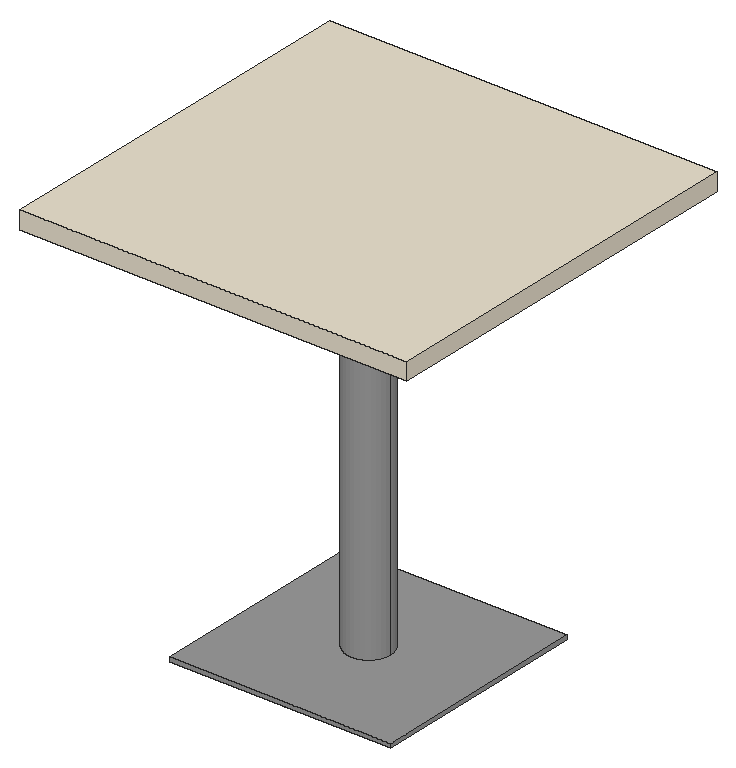
Revit family "FU_Table_Sandler_579T-XT", category Furniture, Revit 2020
Family settings
  OmniClass Number = 23.40.20.00
  OmniClass Title = General Furniture and Specialties
  Work Plane-Based = No
  Always vertical = Yes
  Cut with Voids When Loaded = No
  Shared = No
  Room Calculation Point = No
Parameters (values of type "579T XT 28" Square (70cm)")
  Width = 400 mm
  URL = "https://www.sandlerseating.com/product/art-579t-xt/"
  Top Size = FU_TableTops_MT Sqr : 28" Square (70cm)
  Top Elevation = Height  # 720 mm
  Top Finish [instance] = Wood - Beech - Grey Stained
  Model = "579T XT"
  Manufacturer = "Sandler"
  Height = 720 mm
  Frame Finish [instance] = Metal - Steel - Matt-Satin
  Description = "Table base in stainless steel."
  Depth = Width  # 400 mm
  Default Elevation = 0 mm
Types (5, lengths in mm): name | Top Size
  (no name) | FU_TableTops_MT Sqr : 28" Square (70cm)
  579T XT 24" Square (60cm) | FU_TableTops_MT Sqr : 24" Square (60cm)
  579T XT 28" Square (70cm) | FU_TableTops_MT Sqr : 28" Square (70cm)
  579T XT 24" Round (60cm) | FU_TableTops_MT Rnd : 24" Round (60cm)
  579T XT 28" Round (70cm) | FU_TableTops_MT Rnd : 28" Round (70cm)
Reference planes
  plane 1 "Center (Front/Back)": y = 0
  plane 2: z = 0
  plane 3 "Center (Left/Right)": x = 0
  plane 4 "Right": x = -200
  plane 5 "Left": x = 200
  plane 6 "Back": y = 200
  plane 7 "Front": y = -200
  plane 8 "Height": z = 720
  plane 9 "Top Support": z = 700
  plane 10 "Glide Height": z = 6
  plane 11 "Base height": z = 14
  plane 12 "R Pad C": x = -184
  plane 13 "B Pad C": y = 184
  plane 14 "L Pad C": x = 184
  plane 15 "F Pad C": y = -184
Forms (mm)
  Extrusion 1, solid, material "Metal - Steel - Matt-Satin" <- "Frame Finish"
    sketch origin (0, 0, 6) x (-1, 0, 0) y (0, -1, 0)
      loop
        line (200, -200) -> (200, 200) -> (-200, 200) -> (-200, -200) -> (200, -200)
    from 0 to 8
  Revolve 2, solid, material "Rubber, Black"
    sketch origin (0, 0, 0) x (1, 0, 0) y (0, 0, 1)
      loop
        line (-184, 0) -> (-184, 6) -> (-192, 6) -> (-192, 2)
        arc (-192, 2) -> (-191.414, 0.586) -> (-190, 0) r 2
        line (-190, 0) -> (-184, 0)
      axis (-184, 6) -> (-184, 0)
    angle from 0 to 360
  Revolve 3, solid, material "Rubber, Black"
    sketch origin (0, 0, 0) x (-1, 0, 0) y (0, 0, 1)
      loop
        line (-184, 0) -> (-184, 6) -> (-192, 6) -> (-192, 2)
        arc (-192, 2) -> (-191.414, 0.586) -> (-190, 0) r 2
        line (-190, 0) -> (-184, 0)
      axis (-184, 6) -> (-184, 0)
    angle from 0 to 360
  Revolve 4, solid, material "Rubber, Black"
    sketch origin (0, 0, 0) x (0, 1, 0) y (0, 0, 1)
      loop
        line (-184, 6) -> (-192, 6) -> (-192, 2)
        arc (-192, 2) -> (-191.414, 0.586) -> (-190, 0) r 2
        line (-190, 0) -> (-184, 0) -> (-184, 6)
      axis (-184, 6) -> (-184, 0)
    angle from 0 to 360
  Revolve 5, solid, material "Rubber, Black"
    sketch origin (0, 0, 0) x (0, -1, 0) y (0, 0, 1)
      loop
        line (-184, 6) -> (-192, 6) -> (-192, 2)
        arc (-192, 2) -> (-191.414, 0.586) -> (-190, 0) r 2
        line (-190, 0) -> (-184, 0) -> (-184, 6)
      axis (-184, 6) -> (-184, 0)
    angle from 0 to 360
  Extrusion 6, solid, material "Metal - Steel - Matt-Satin" <- "Frame Finish"
    sketch origin (0, 0, 6) x (-1, 0, 0) y (0, -1, 0)
      loop
        circle (0, 0) r 40
    from 0 to 694
Dimensions and locks
  equal spacing: plane 4 "Right", plane 3 "Center (Left/Right)", plane 5 "Left"
  "Width": plane 4 "Right" to plane 5 "Left"
  equal spacing: plane 6 "Back", plane 1 "Center (Front/Back)", plane 7 "Front"
  "Depth": plane 6 "Back" to plane 7 "Front"
  "Height": plane 8 "Height" to level
  locked: plane 8 "Height" to plane 9 "Top Support" at 20
  locked: plane 4 "Right" to plane 12 "R Pad C" at 16
  plane 14 "L Pad C" to plane 5 "Left" = 16 mm
  locked: plane 6 "Back" to plane 13 "B Pad C" at 16
  locked: plane 15 "F Pad C" to plane 7 "Front" at 16
  aligned and locked: level to plane 2
  aligned and locked: plane 11 "Base height" to Extrusion 1
  aligned and locked: Extrusion 1 to plane 11 "Base height"  (x3)
  aligned and locked: plane 8 "Height" to nested 1
  aligned and locked: Extrusion 6 to plane 10 "Glide Height"
  aligned and locked: plane 9 "Top Support" to Extrusion 6
  aligned and locked: Extrusion 1 sketch curve to plane 6 "Back"
  aligned and locked: Extrusion 1 sketch curve to plane 4 "Right"
  aligned and locked: plane 7 "Front" to Extrusion 1 sketch curve
  aligned and locked: plane 5 "Left" to Extrusion 1 sketch curve
Automatic sketch dimensions
  Revolve 2 sketch curve to plane 10 "Glide Height" = 0 mm
  Revolve 2 sketch curve to level = 0 mm
  plane 12 "R Pad C" to Revolve 2 sketch curve = 0 mm  (x2)
  Revolve 2 sketch curve to Revolve 2 sketch curve = 6 mm
  Revolve 2 sketch curve to Revolve 2 sketch curve = 2 mm
  Revolve 2 sketch curve to level = 10.049 mm
  Revolve 2 sketch curve to plane 11 "Base height" = 2.095 mm
  Revolve 3 sketch curve to plane 10 "Glide Height" = 0 mm
  Revolve 3 sketch curve to level = 0 mm
  Revolve 3 sketch curve to plane 14 "L Pad C" = 0 mm  (x2)
  Revolve 3 sketch curve to Revolve 3 sketch curve = 6 mm
  Revolve 3 sketch curve to Revolve 3 sketch curve = 2 mm
  level to Revolve 3 sketch curve = 10.049 mm
  plane 11 "Base height" to Revolve 3 sketch curve = 2.095 mm
  Revolve 4 sketch curve to plane 10 "Glide Height" = 0 mm
  Revolve 4 sketch curve to level = 0 mm
  Revolve 4 sketch curve to plane 15 "F Pad C" = 0 mm  (x2)
  level to Revolve 4 sketch curve = 2 mm
  plane 15 "F Pad C" to Revolve 4 sketch curve = 6 mm
  Revolve 4 sketch curve to level = 5.787 mm
  Revolve 4 sketch curve to plane 11 "Base height" = 1.201 mm
  Revolve 5 sketch curve to plane 10 "Glide Height" = 0 mm
  Revolve 5 sketch curve to level = 0 mm
  Revolve 5 sketch curve to plane 13 "B Pad C" = 0 mm  (x2)
  Revolve 5 sketch curve to level = 2 mm
  Revolve 5 sketch curve to plane 13 "B Pad C" = 6 mm
  Revolve 5 sketch curve to Revolve 5 sketch curve = 5.787 mm
  plane 11 "Base height" to Revolve 5 sketch curve = 1.201 mm
  plane 1 "Center (Front/Back)" to Extrusion 6 sketch curve = 0 mm
  Extrusion 6 sketch curve to plane 3 "Center (Left/Right)" = 0 mm
  radius of Extrusion 6 sketch curve = 40 mm
Nested families
  nested 1: "MT Top Support" at (0, 0, 0), Frame Finish <- "Frame Finish", type "MT Top Support"
    with Frame Finish Metal - Steel - Matt-Satin
  nested 2: "FU_TableTops_MT Sqr" at (0, 0, 0), type <- "Top Size", Top Elevation <- "Top Elevation", Top Finish <- "Top Finish", type "28" Square (70cm)"
    with Top Finish Wood - Beech - Grey Stained, Top Elevation 720 mm
Definition of nested family "MT Top Support"
  Parameters (values of type "MT Top Support")
    Frame Finish [instance] = none
    Default Elevation = 0 mm
  Reference planes
    plane 1 "Center (Front/Back)": y = 0
    plane 2: z = 0
    plane 3 "Center (Left/Right)": x = 0
    plane 4 "Right": x = -210
    plane 5 "Left": x = 210
    plane 6 "Back": y = 210
    plane 7 "Front": y = -210
    plane 8 "Height": z = 720
    plane 9: z = 700
  Forms (mm)
    Extrusion 1, solid, material <- "Frame Finish"
      sketch origin (0, 0, 700) x (-1, 0, 0) y (0, -1, 0)
        loop
          line (48, 44.024) -> (119.736, 115.76)
          arc (119.736, 115.76) -> (116.918, 118.6) -> (114.032, 121.37) r 166.741
          line (114.032, 121.37) -> (40.38, 47.718) -> (-40.38, 47.718) -> (-114.032, 121.37)
          arc (-114.032, 121.37) -> (-116.918, 118.6) -> (-119.736, 115.76) r 166.741
          line (-119.736, 115.76) -> (-48, 44.024) -> (-48, -44.024) -> (-120.014, -116.038)
          arc (-120.014, -116.038) -> (-117.202, -118.884) -> (-114.323, -121.661) r 166.741
          line (-114.323, -121.661) -> (-40.944, -48.282) -> (40.944, -48.282) -> (114.323, -121.661)
          arc (114.323, -121.661) -> (117.202, -118.884) -> (120.014, -116.038) r 166.741
          line (120.014, -116.038) -> (48, -44.024) -> (48, 44.024)
      from 0 to 15
    Extrusion 2, solid, material <- "Frame Finish"
      sketch origin (0, 0, 720) x (-1, 0, 0) y (0, -1, 0)
        loop
          arc (48, 9.198) -> (50.194, 20.46) -> (56.455, 30.074) r 30
          line (56.455, 30.074) -> (155.027, 131.809)
          arc (155.027, 131.809) -> (157.282, 137.439) -> (154.939, 143.033) r 8
          line (154.939, 143.033) -> (142.122, 155.85)
          arc (142.122, 155.85) -> (136.465, 158.193) -> (130.808, 155.85) r 8
          line (130.808, 155.85) -> (32.027, 57.069)
          arc (32.027, 57.069) -> (22.294, 50.566) -> (10.814, 48.282) r 30
          line (10.814, 48.282) -> (-10.814, 48.282)
          arc (-10.814, 48.282) -> (-22.294, 50.566) -> (-32.027, 57.069) r 30
          line (-32.027, 57.069) -> (-130.808, 155.85)
          arc (-130.808, 155.85) -> (-136.465, 158.193) -> (-142.122, 155.85) r 8
          line (-142.122, 155.85) -> (-154.939, 143.033)
          arc (-154.939, 143.033) -> (-157.282, 137.439) -> (-155.027, 131.809) r 8
          line (-155.027, 131.809) -> (-56.455, 30.074)
          arc (-56.455, 30.074) -> (-50.194, 20.46) -> (-48, 9.198) r 30
          line (-48, 9.198) -> (-48, -9.198)
          arc (-48, -9.198) -> (-50.194, -20.46) -> (-56.455, -30.074) r 30
          line (-56.455, -30.074) -> (-155.027, -131.809)
          arc (-155.027, -131.809) -> (-157.282, -137.439) -> (-154.939, -143.033) r 8
          line (-154.939, -143.033) -> (-142.122, -155.85)
          arc (-142.122, -155.85) -> (-136.465, -158.193) -> (-130.808, -155.85) r 8
          line (-130.808, -155.85) -> (-32.027, -57.069)
          arc (-32.027, -57.069) -> (-22.294, -50.566) -> (-10.814, -48.282) r 30
          line (-10.814, -48.282) -> (10.814, -48.282)
          arc (10.814, -48.282) -> (22.294, -50.566) -> (32.027, -57.069) r 30
          line (32.027, -57.069) -> (130.808, -155.85)
          arc (130.808, -155.85) -> (136.465, -158.193) -> (142.122, -155.85) r 8
          line (142.122, -155.85) -> (154.939, -143.033)
          arc (154.939, -143.033) -> (157.282, -137.439) -> (155.027, -131.809) r 8
          line (155.027, -131.809) -> (56.455, -30.074)
          arc (56.455, -30.074) -> (50.194, -20.46) -> (48, -9.198) r 30
          line (48, -9.198) -> (48, 9.198)
        loop
          line (-134.399, -141.055) -> (-124.502, -131.158)
          arc (-124.502, -131.158) -> (-124.502, -125.502) -> (-130.158, -125.502) r 3.999
          line (-130.158, -125.502) -> (-140.055, -135.399)
          arc (-140.055, -135.399) -> (-140, -141.001) -> (-134.399, -141.055) r 4
        loop
          arc (134.399, -141.055) -> (140, -141.001) -> (140.055, -135.399) r 4
          line (140.055, -135.399) -> (130.158, -125.502)
          arc (130.158, -125.502) -> (124.502, -125.502) -> (124.502, -131.158) r 3.999
          line (124.502, -131.158) -> (134.399, -141.055)
        loop
          arc (-134.399, 141.055) -> (-140, 141.001) -> (-140.055, 135.399) r 4
          line (-140.055, 135.399) -> (-130.158, 125.502)
          arc (-130.158, 125.502) -> (-124.502, 125.502) -> (-124.502, 131.158) r 3.999
          line (-124.502, 131.158) -> (-134.399, 141.055)
        loop
          line (134.399, 141.055) -> (124.502, 131.158)
          arc (124.502, 131.158) -> (124.502, 125.502) -> (130.158, 125.502) r 3.999
          line (130.158, 125.502) -> (140.055, 135.399)
          arc (140.055, 135.399) -> (140, 141.001) -> (134.399, 141.055) r 4
        loop
          circle (0, 0) r 7.5
      from -10 to 0
  Dimensions and locks
    equal spacing: plane 4 "Right", plane 3 "Center (Left/Right)", plane 5 "Left"
    plane 4 "Right" to plane 5 "Left" = 420 mm
    equal spacing: plane 6 "Back", plane 1 "Center (Front/Back)", plane 7 "Front"
    plane 6 "Back" to plane 7 "Front" = 420 mm
    plane 8 "Height" to level = 720 mm
    locked: plane 8 "Height" to plane 9 at 20
    aligned and locked: level to plane 2
  Automatic sketch dimensions
    plane 1 "Center (Front/Back)" to Extrusion 2 sketch curve = 0 mm
    Extrusion 2 sketch curve to plane 3 "Center (Left/Right)" = 0 mm
    plane 3 "Center (Left/Right)" to Extrusion 2 sketch curve = 10.814 mm  (x2)
    Extrusion 2 sketch curve to Extrusion 2 sketch curve = 21.213 mm  (x4)
    plane 1 "Center (Front/Back)" to Extrusion 2 sketch curve = 9.198 mm  (x2)
    plane 3 "Center (Left/Right)" to Extrusion 2 sketch curve = 48 mm
    Extrusion 2 sketch curve to plane 1 "Center (Front/Back)" = 30.074 mm  (x2)
    Extrusion 2 sketch curve to Extrusion 2 sketch curve = 8.455 mm  (x4)
    plane 1 "Center (Front/Back)" to Extrusion 2 sketch curve = 30.074 mm  (x2)
    Extrusion 2 sketch curve to plane 1 "Center (Front/Back)" = 9.198 mm  (x2)
    plane 5 "Left" to Extrusion 2 sketch curve = 85.498 mm  (x2)
    Extrusion 2 sketch curve to Extrusion 2 sketch curve = 2.828 mm  (x12)
    Extrusion 2 sketch curve to Extrusion 2 sketch curve = 6.306 mm  (x4)
    Extrusion 2 sketch curve to Extrusion 2 sketch curve = 9.897 mm  (x8)
    Extrusion 2 sketch curve to Extrusion 2 sketch curve = 5.657 mm  (x16)
    Extrusion 2 sketch curve to Extrusion 2 sketch curve = 2.773 mm  (x8)
    Extrusion 2 sketch curve to Extrusion 2 sketch curve = 2.883 mm  (x4)
    Extrusion 2 sketch curve to Extrusion 2 sketch curve = 9.227 mm  (x4)
    Extrusion 2 sketch curve to Extrusion 2 sketch curve = 5.745 mm  (x4)
    Extrusion 2 sketch curve to plane 3 "Center (Left/Right)" = 10.814 mm  (x2)
    Extrusion 2 sketch curve to plane 3 "Center (Left/Right)" = 48 mm
    Extrusion 2 sketch curve to plane 1 "Center (Front/Back)" = 48.282 mm
    Extrusion 2 sketch curve to Extrusion 2 sketch curve = 8.787 mm  (x4)
    Extrusion 2 sketch curve to plane 6 "Back" = 84.498 mm  (x2)
    Extrusion 2 sketch curve to Extrusion 2 sketch curve = 6.307 mm  (x4)
    Extrusion 2 sketch curve to Extrusion 2 sketch curve = 5.567 mm  (x4)
    Extrusion 2 sketch curve to Extrusion 2 sketch curve = 9.138 mm  (x4)
    plane 1 "Center (Front/Back)" to Extrusion 2 sketch curve = 48.282 mm
    plane 7 "Front" to Extrusion 2 sketch curve = 84.498 mm  (x2)
    Extrusion 1 sketch curve to Extrusion 1 sketch curve = 0 mm  (x12)
    Extrusion 1 sketch curve to plane 3 "Center (Left/Right)" = 0 mm
    plane 3 "Center (Left/Right)" to Extrusion 1 sketch curve = 40.38 mm
    plane 3 "Center (Left/Right)" to Extrusion 1 sketch curve = 40.944 mm
    Extrusion 1 sketch curve to Extrusion 1 sketch curve = 7.056 mm  (x2)
    plane 5 "Left" to Extrusion 1 sketch curve = 95.968 mm
    plane 5 "Left" to Extrusion 1 sketch curve = 95.677 mm
    Extrusion 1 sketch curve to Extrusion 1 sketch curve = 5.704 mm  (x2)
    Extrusion 1 sketch curve to Extrusion 1 sketch curve = 5.691 mm  (x2)
    Extrusion 1 sketch curve to plane 3 "Center (Left/Right)" = 40.38 mm
    Extrusion 1 sketch curve to plane 3 "Center (Left/Right)" = 40.944 mm
    Extrusion 1 sketch curve to plane 6 "Back" = 88.339 mm  (x2)
    Extrusion 1 sketch curve to Extrusion 1 sketch curve = 5.623 mm
    Extrusion 1 sketch curve to plane 1 "Center (Front/Back)" = 48.282 mm
    Extrusion 1 sketch curve to Extrusion 1 sketch curve = 4.258 mm  (x2)
    plane 1 "Center (Front/Back)" to Extrusion 1 sketch curve = 44.024 mm  (x2)
    Extrusion 1 sketch curve to Extrusion 1 sketch curve = 3.693 mm
    plane 7 "Front" to Extrusion 1 sketch curve = 94.24 mm  (x2)
    Extrusion 1 sketch curve to plane 4 "Right" = 95.968 mm
    Extrusion 1 sketch curve to plane 4 "Right" = 95.677 mm
    Extrusion 2 sketch curve to plane 4 "Right" = 85.498 mm  (x2)
    radius of Extrusion 2 sketch curve = 7.5 mm
Definition of nested family "FU_TableTops_MT Sqr"
  Parameters (values of type "24x48" Top (60x120cm)")
    Width = 1200 mm
    Top Finish [instance] = none
    Top Elevation [instance] = 1100 mm
    Depth = 600 mm
    Default Elevation = 0 mm
  Types (16, lengths in mm): name | Width | Depth
    28x48" Top (70x120cm) | 1200 | 700
    28x52" Top (70x130cm) | 1300 | 700
    32x48" Top (80x120cm) | 1200 | 800
    32x52" Top (80x130cm) | 1300 | 800
    28x55" Top (70x140cm) | 1400 | 700
    32x55" Top (80x140cm) | 1400 | 800
    24" Square (60cm) | 600 | 600
    28" Square (70cm) | 700 | 700
    32" Square (80cm) | 800 | 800
    36" Square (90cm) | 900 | 900
    40" Square (100cm) | 1000 | 1000
    44" Square (110cm) | 1100 | 1100
    28x44" Top (70x110cm) | 1100 | 700
    24x40" Top (60x100cm) | 1000 | 600
    24x44" Top (60x110cm) | 1100 | 600
    24x48" Top (60x120cm) | 1200 | 600
  Reference planes
    plane 1 "Center (Front/Back)": y = 0
    plane 2: z = 0
    plane 3 "Center (Left/Right)": x = 0
    plane 4 "Right": x = -600
    plane 5 "Left": x = 600
    plane 6 "Back": y = 300
    plane 7 "Front": y = -300
    plane 8 "Elevation": z = 1100
    plane 9 "Top Height": z = 1131.75
  Forms (mm)
    Extrusion 1, solid, material <- "Top Finish"
      sketch origin (0, 0, 1100) x (-1, 0, 0) y (0, -1, 0)
        loop
          line (600, -300) -> (600, 300) -> (-600, 300) -> (-600, -300) -> (600, -300)
      from 0 to 31.75
  Dimensions and locks
    equal spacing: plane 4 "Right", plane 3 "Center (Left/Right)", plane 5 "Left"
    "Width": plane 4 "Right" to plane 5 "Left"
    equal spacing: plane 6 "Back", plane 1 "Center (Front/Back)", plane 7 "Front"
    "Depth": plane 6 "Back" to plane 7 "Front"
    "Top Elevation": plane 8 "Elevation" to level
    locked: plane 9 "Top Height" to plane 8 "Elevation" at 31.75
    aligned and locked: level to plane 2
    aligned and locked: Extrusion 1 sketch curve to plane 6 "Back"
    aligned and locked: Extrusion 1 sketch curve to plane 4 "Right"
    aligned and locked: plane 7 "Front" to Extrusion 1 sketch curve
    aligned and locked: plane 5 "Left" to Extrusion 1 sketch curve
    aligned and locked: Extrusion 1 to plane 8 "Elevation"
    aligned and locked: plane 8 "Elevation" to Extrusion 1  (x2)
    aligned and locked: plane 9 "Top Height" to Extrusion 1
    aligned and locked: Extrusion 1 to plane 9 "Top Height"
